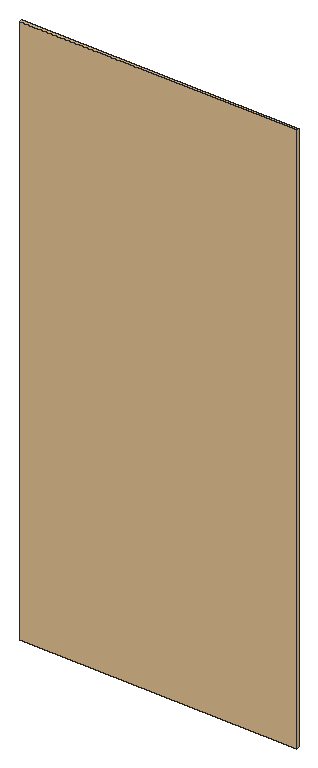
Revit family "American Walnut Veneer Honeycomb", category Generic Models, Revit 2017 (continued)
Automatic sketch dimensions
  level to curve 520 = 123.626 mm
  curve 519 to curve 520 = 41.559 mm
  curve 501 to curve 571 = 41.559 mm
  curve 515 to curve 516 = 41.559 mm
  curve 499 to curve 570 = 41.559 mm
  curve 509 to curve 575 = 41.559 mm
  curve 497 to curve 569 = 41.559 mm
  curve 495 to curve 568 = 41.559 mm
  curve 493 to curve 567 = 41.559 mm
  curve 491 to curve 566 = 41.559 mm
  curve 507 to curve 508 = 41.559 mm
  plane 4 "Panel_top" to curve 484 = 51.176 mm
  curve 484 to curve 484 = 34.403 mm
  curve 513 to curve 512 = 41.559 mm
  curve 515 to curve 514 = 41.559 mm
  curve 519 to curve 518 = 41.559 mm
  curve 488 to curve 564 = 58.434 mm
  curve 516 to curve 528 = 58.434 mm
  curve 490 to curve 554 = 58.435 mm
  curve 492 to curve 552 = 58.434 mm
  curve 518 to curve 527 = 58.433 mm
  curve 498 to curve 569 = 58.434 mm
  curve 502 to curve 571 = 58.434 mm
  level to curve 525 = 123.626 mm
  curve 520 to curve 525 = 58.434 mm
  curve 510 to curve 534 = 58.434 mm
  curve 514 to curve 530 = 58.433 mm
  curve 500 to curve 570 = 58.434 mm
  curve 494 to curve 551 = 58.434 mm
  curve 504 to curve 572 = 58.434 mm
  curve 508 to curve 536 = 58.434 mm
  curve 506 to curve 573 = 58.434 mm
  curve 496 to curve 568 = 58.434 mm
  curve 512 to curve 532 = 58.433 mm
  curve 486 to curve 558 = 58.435 mm
  plane 4 "Panel_top" to curve 560 = 51.176 mm
  curve 484 to curve 560 = 58.433 mm
  curve 560 to curve 561 = 34.408 mm
  curve 558 to curve 558 = 41.558 mm
  curve 550 to curve 470 = 41.559 mm
  curve 528 to curve 481 = 41.559 mm
  curve 544 to curve 544 = 41.559 mm
  curve 530 to curve 532 = 41.559 mm
  curve 532 to curve 533 = 41.559 mm
  curve 534 to curve 535 = 41.559 mm
  curve 536 to curve 537 = 41.559 mm
  curve 538 to curve 539 = 41.559 mm
  curve 540 to curve 541 = 41.559 mm
  curve 528 to curve 530 = 41.559 mm
  curve 546 to curve 547 = 41.559 mm
  curve 554 to curve 555 = 41.559 mm
  plane 4 "Panel_top" to curve 559 = 112.988 mm
  curve 558 to curve 559 = 41.559 mm
  level to curve 523 = 61.815 mm
  curve 524 to curve 523 = 41.56 mm
  curve 546 to curve 472 = 41.56 mm
  curve 552 to curve 551 = 41.56 mm
  curve 526 to curve 482 = 41.56 mm
  curve 554 to curve 553 = 41.561 mm
  level to curve 418 = 61.814 mm
  curve 483 to curve 418 = 58.431 mm
  curve 473 to curve 473 = 58.433 mm
  curve 472 to curve 472 = 58.431 mm
  curve 539 to curve 475 = 58.432 mm
  curve 547 to curve 471 = 58.432 mm
  curve 537 to curve 476 = 58.432 mm
  curve 470 to curve 470 = 58.433 mm
  curve 482 to curve 482 = 58.431 mm
  curve 469 to curve 469 = 58.431 mm
  curve 468 to curve 468 = 58.431 mm
  curve 481 to curve 481 = 58.433 mm
  curve 533 to curve 478 = 58.432 mm
  curve 559 to curve 465 = 58.432 mm
  curve 541 to curve 474 = 58.432 mm
  curve 529 to curve 412 = 58.432 mm
  curve 466 to curve 372 = 58.434 mm
  curve 555 to curve 374 = 58.432 mm
  curve 531 to curve 410 = 58.432 mm
  curve 535 to curve 405 = 58.432 mm
  curve 561 to curve 368 = 72.734 mm
  curve 380 to curve 391 = 41.559 mm
  curve 415 to curve 464 = 41.559 mm
  curve 396 to curve 397 = 41.559 mm
  curve 411 to curve 412 = 41.559 mm
  plane 4 "Panel_top" to curve 368 = 51.176 mm
  curve 368 to curve 368 = 34.408 mm
  curve 413 to curve 414 = 41.559 mm
  curve 409 to curve 410 = 41.559 mm
  curve 384 to curve 393 = 41.559 mm
  curve 384 to curve 384 = 41.559 mm
  curve 396 to curve 395 = 41.559 mm
  plane 4 "Panel_top" to curve 371 = 174.799 mm
  curve 372 to curve 371 = 41.559 mm
  curve 398 to curve 402 = 41.559 mm
  curve 380 to curve 380 = 41.559 mm
  curve 374 to curve 373 = 41.559 mm
  curve 405 to curve 404 = 41.559 mm
  curve 407 to curve 406 = 41.559 mm
  curve 409 to curve 408 = 41.559 mm
  curve 376 to curve 375 = 41.559 mm
  curve 469 to curve 378 = 41.559 mm
  curve 373 to curve 387 = 58.433 mm
  curve 395 to curve 438 = 58.433 mm
  curve 381 to curve 444 = 58.434 mm
  curve 397 to curve 437 = 58.434 mm
  plane 4 "Panel_top" to curve 456 = 51.176 mm
  curve 368 to curve 456 = 58.434 mm
  curve 406 to curve 459 = 58.433 mm
  level to curve 420 = 123.624 mm
  curve 416 to curve 420 = 58.434 mm
  curve 379 to curve 446 = 58.433 mm
  level to curve 422 = 247.246 mm
  curve 414 to curve 422 = 58.434 mm
  curve 412 to curve 424 = 58.434 mm
  curve 408 to curve 460 = 58.433 mm
  curve 402 to curve 402 = 58.433 mm
  curve 377 to curve 448 = 58.433 mm
  curve 383 to curve 443 = 58.433 mm
  curve 410 to curve 427 = 58.434 mm
  curve 375 to curve 450 = 58.433 mm
  curve 404 to curve 432 = 58.433 mm
  curve 393 to curve 393 = 58.433 mm
  plane 4 "Panel_top" to curve 455 = 174.799 mm
  curve 371 to curve 455 = 58.434 mm
  curve 369 to curve 457 = 34.409 mm
  plane 4 "Panel_top" to curve 454 = 236.609 mm
  curve 386 to curve 454 = 41.558 mm
  curve 450 to curve 450 = 41.558 mm
  curve 390 to curve 354 = 41.559 mm
  curve 393 to curve 357 = 41.559 mm
  plane 4 "Panel_top" to curve 456 = 112.987 mm
  curve 369 to curve 456 = 41.559 mm
  curve 392 to curve 444 = 41.559 mm
  curve 450 to curve 451 = 41.559 mm
  curve 401 to curve 438 = 41.559 mm
  curve 422 to curve 423 = 41.559 mm
  curve 428 to curve 429 = 41.559 mm
  curve 430 to curve 431 = 41.559 mm
  curve 432 to curve 433 = 41.559 mm
  curve 402 to curve 435 = 41.559 mm
  curve 426 to curve 425 = 41.56 mm
  level to curve 419 = 61.814 mm
  curve 420 to curve 419 = 41.56 mm
  level to curve 421 = 185.436 mm
  curve 422 to curve 421 = 41.56 mm
  curve 392 to curve 441 = 41.56 mm
  curve 389 to curve 353 = 41.56 mm
  curve 428 to curve 363 = 41.56 mm
  level to curve 322 = 61.814 mm
  curve 367 to curve 322 = 58.431 mm
  curve 433 to curve 360 = 58.432 mm
  plane 4 "Panel_top" to curve 287 = 112.987 mm
  curve 349 to curve 287 = 58.433 mm
  curve 429 to curve 362 = 58.432 mm
  plane 4 "Panel_top" to curve 288 = 236.611 mm
  curve 350 to curve 288 = 58.434 mm
  curve 363 to curve 363 = 58.431 mm
  curve 435 to curve 359 = 58.432 mm
  curve 437 to curve 358 = 58.432 mm
  curve 423 to curve 365 = 58.432 mm
  curve 366 to curve 366 = 58.431 mm
  curve 357 to curve 357 = 58.433 mm
  curve 356 to curve 356 = 58.431 mm
  curve 451 to curve 290 = 58.432 mm
  curve 443 to curve 355 = 58.432 mm
  curve 352 to curve 293 = 58.434 mm
  curve 354 to curve 354 = 58.433 mm
  curve 353 to curve 294 = 58.431 mm
  curve 431 to curve 310 = 58.432 mm
  curve 364 to curve 316 = 58.432 mm
  curve 457 to curve 285 = 72.733 mm
  curve 290 to curve 333 = 41.558 mm
  curve 288 to curve 332 = 41.558 mm
  curve 310 to curve 343 = 41.559 mm
  curve 294 to curve 295 = 41.559 mm
  curve 304 to curve 340 = 41.559 mm
  curve 296 to curve 297 = 41.559 mm
  curve 302 to curve 339 = 41.559 mm
  curve 316 to curve 346 = 41.559 mm
  curve 300 to curve 301 = 41.559 mm
  plane 4 "Panel_top" to curve 285 = 51.176 mm
  curve 285 to curve 285 = 34.409 mm
  curve 314 to curve 314 = 41.559 mm
  curve 316 to curve 315 = 41.559 mm
  curve 310 to curve 310 = 41.559 mm
  curve 308 to curve 308 = 41.559 mm
  plane 4 "Panel_top" to curve 287 = 174.8 mm
  curve 288 to curve 287 = 41.559 mm
  level to curve 319 = 247.246 mm
  curve 320 to curve 319 = 41.559 mm
  level to curve 321 = 123.623 mm
  curve 322 to curve 321 = 41.56 mm
  curve 300 to curve 300 = 41.559 mm
  curve 294 to curve 294 = 41.559 mm
  curve 307 to curve 341 = 58.433 mm
  level to curve 327 = 247.246 mm
  curve 319 to curve 327 = 58.433 mm
  curve 311 to curve 343 = 58.434 mm
  curve 305 to curve 340 = 58.434 mm
  curve 313 to curve 344 = 58.433 mm
  curve 303 to curve 339 = 58.434 mm
  curve 291 to curve 242 = 58.435 mm
  plane 4 "Panel_top" to curve 235 = 174.8 mm
  curve 287 to curve 235 = 58.433 mm
  curve 301 to curve 338 = 58.434 mm
  plane 4 "Panel_top" to curve 234 = 51.176 mm
  curve 285 to curve 234 = 58.434 mm
  plane 4 "Panel_top" to curve 238 = 298.422 mm
  curve 289 to curve 238 = 58.435 mm
  curve 299 to curve 337 = 58.433 mm
  curve 317 to curve 346 = 58.434 mm
  level to curve 325 = 123.623 mm
  curve 321 to curve 325 = 58.433 mm
  curve 297 to curve 336 = 58.434 mm
  curve 295 to curve 335 = 58.434 mm
  curve 293 to curve 334 = 58.433 mm
  curve 315 to curve 278 = 58.433 mm
  curve 309 to curve 263 = 58.433 mm
  curve 233 to curve 233 = 34.409 mm
  curve 275 to curve 281 = 41.559 mm
  curve 253 to curve 254 = 41.559 mm
  curve 251 to curve 252 = 41.559 mm
  curve 263 to curve 264 = 41.559 mm
  level to curve 328 = 309.058 mm
  curve 279 to curve 328 = 41.559 mm
  plane 4 "Panel_top" to curve 236 = 236.611 mm
  curve 237 to curve 236 = 41.559 mm
  curve 263 to curve 263 = 41.559 mm
  plane 4 "Panel_top" to curve 235 = 112.989 mm
  curve 235 to curve 235 = 41.559 mm
  curve 261 to curve 261 = 41.559 mm
  curve 265 to curve 274 = 41.559 mm
  curve 259 to curve 259 = 41.559 mm
  curve 257 to curve 257 = 41.559 mm
  curve 279 to curve 278 = 41.559 mm
  curve 246 to curve 251 = 41.559 mm
  curve 237 to curve 241 = 41.559 mm
  curve 246 to curve 246 = 41.559 mm
  curve 244 to curve 243 = 41.559 mm
  curve 327 to curve 283 = 41.56 mm
  curve 325 to curve 284 = 41.56 mm
  level to curve 173 = 61.813 mm
  curve 284 to curve 173 = 58.431 mm
  curve 245 to curve 249 = 58.432 mm
  curve 250 to curve 147 = 58.432 mm
  curve 234 to curve 239 = 58.432 mm
  curve 276 to curve 281 = 58.433 mm
  curve 243 to curve 248 = 58.432 mm
  curve 274 to curve 274 = 58.432 mm
  curve 262 to curve 272 = 58.432 mm
  curve 252 to curve 267 = 58.433 mm
  curve 254 to curve 268 = 58.433 mm
  curve 260 to curve 271 = 58.432 mm
  curve 256 to curve 269 = 58.432 mm
  curve 328 to curve 329 = 58.432 mm
  curve 258 to curve 270 = 58.432 mm
  curve 283 to curve 283 = 58.431 mm
  curve 264 to curve 161 = 58.433 mm
  plane 4 "Panel_top" to curve 141 = 360.233 mm
  curve 241 to curve 141 = 58.432 mm
  curve 278 to curve 167 = 58.432 mm
  curve 236 to curve 240 = 58.433 mm
  curve 233 to curve 136 = 72.732 mm
  curve 149 to curve 150 = 41.559 mm
  curve 143 to curve 144 = 41.559 mm
  level to curve 168 = 370.869 mm
  curve 167 to curve 168 = 41.559 mm
  curve 155 to curve 224 = 41.559 mm
  curve 161 to curve 227 = 41.559 mm
  curve 159 to curve 158 = 41.559 mm
  plane 4 "Panel_top" to curve 140 = 298.423 mm
  curve 141 to curve 140 = 41.559 mm
  curve 161 to curve 160 = 41.559 mm
  plane 4 "Panel_top" to curve 138 = 174.8 mm
  curve 139 to curve 138 = 41.559 mm
  plane 4 "Panel_top" to curve 142 = 422.045 mm
  curve 143 to curve 142 = 41.559 mm
  curve 165 to curve 164 = 41.559 mm
  curve 167 to curve 166 = 41.559 mm
  plane 4 "Panel_top" to curve 137 = 51.178 mm
  curve 136 to curve 137 = 34.41 mm
  level to curve 170 = 247.245 mm
  curve 171 to curve 170 = 41.559 mm
  curve 147 to curve 146 = 41.559 mm
  level to curve 172 = 123.623 mm
  curve 173 to curve 172 = 41.56 mm
  curve 149 to curve 148 = 41.559 mm
  curve 155 to curve 155 = 41.559 mm
  curve 153 to curve 153 = 41.559 mm
  curve 162 to curve 187 = 58.434 mm
  level to curve 181 = 370.869 mm
  curve 168 to curve 181 = 58.434 mm
  curve 144 to curve 218 = 58.434 mm
  curve 146 to curve 219 = 58.433 mm
  level to curve 179 = 247.245 mm
  curve 170 to curve 179 = 58.433 mm
  curve 166 to curve 182 = 58.433 mm
  level to curve 177 = 123.623 mm
  curve 172 to curve 177 = 58.433 mm
  curve 148 to curve 220 = 58.433 mm
  curve 158 to curve 190 = 58.433 mm
  curve 164 to curve 185 = 58.433 mm
  curve 156 to curve 192 = 58.434 mm
  curve 152 to curve 222 = 58.433 mm
  curve 136 to curve 214 = 58.433 mm
  curve 154 to curve 194 = 58.433 mm
  curve 150 to curve 198 = 58.434 mm
  plane 4 "Panel_top" to curve 211 = 174.8 mm
  curve 138 to curve 211 = 58.433 mm
  plane 4 "Panel_top" to curve 209 = 298.423 mm
  curve 140 to curve 209 = 58.433 mm
  plane 4 "Panel_top" to curve 206 = 422.045 mm
  curve 142 to curve 206 = 58.433 mm
  curve 160 to curve 226 = 58.434 mm
  curve 212 to curve 213 = 34.41 mm
  curve 202 to curve 202 = 41.559 mm
  level to curve 180 = 309.057 mm
  curve 180 to curve 180 = 41.559 mm
  curve 194 to curve 194 = 41.559 mm
  curve 188 to curve 188 = 41.559 mm
  curve 182 to curve 184 = 41.559 mm
  curve 188 to curve 189 = 41.559 mm
  curve 194 to curve 195 = 41.559 mm
  curve 196 to curve 198 = 41.559 mm
  curve 198 to curve 199 = 41.559 mm
  curve 202 to curve 203 = 41.559 mm
  plane 4 "Panel_top" to curve 207 = 360.234 mm
  curve 206 to curve 207 = 41.559 mm
  plane 4 "Panel_top" to curve 209 = 236.612 mm
  curve 208 to curve 209 = 41.559 mm
  plane 4 "Panel_top" to curve 211 = 112.99 mm
  curve 210 to curve 211 = 41.559 mm
  level to curve 178 = 185.434 mm
  curve 176 to curve 178 = 41.559 mm
  level to curve 176 = 61.811 mm
  curve 176 to curve 176 = 41.559 mm
  curve 182 to curve 132 = 41.56 mm
  curve 186 to curve 130 = 41.56 mm
  curve 192 to curve 191 = 41.56 mm
  curve 206 to curve 120 = 41.561 mm
  level to curve 79 = 61.812 mm
  curve 175 to curve 79 = 58.432 mm
  curve 195 to curve 125 = 58.432 mm
  curve 126 to curve 126 = 58.433 mm
  curve 197 to curve 124 = 58.432 mm
  curve 127 to curve 127 = 58.431 mm
  curve 199 to curve 123 = 58.432 mm
  curve 189 to curve 128 = 58.432 mm
  curve 122 to curve 122 = 58.433 mm
  curve 203 to curve 121 = 58.432 mm
  curve 130 to curve 130 = 58.431 mm
  curve 120 to curve 120 = 58.431 mm
  curve 183 to curve 131 = 58.432 mm
  curve 133 to curve 133 = 58.433 mm
  curve 211 to curve 117 = 58.432 mm
  curve 177 to curve 134 = 58.432 mm
  plane 4 "Panel_top" to curve 113 = 236.612 mm
  curve 209 to curve 113 = 58.432 mm
  level to curve 84 = 432.678 mm
  curve 132 to curve 84 = 58.432 mm
  plane 4 "Panel_top" to curve 111 = 360.234 mm
  curve 207 to curve 111 = 58.432 mm
  curve 129 to curve 90 = 58.433 mm
  curve 213 to curve 116 = 72.731 mm
  curve 94 to curve 24 = 41.559 mm
  curve 88 to curve 30 = 41.559 mm
  curve 80 to curve 38 = 41.559 mm
  level to curve 82 = 247.246 mm
  curve 82 to curve 82 = 41.559 mm
  curve 100 to curve 102 = 41.559 mm
  curve 102 to curve 103 = 41.559 mm
  curve 90 to curve 92 = 41.559 mm
  curve 104 to curve 105 = 41.559 mm
  curve 106 to curve 107 = 41.559 mm
  plane 4 "Panel_top" to curve 109 = 422.045 mm
  curve 108 to curve 109 = 41.559 mm
  level to curve 86 = 494.489 mm
  curve 84 to curve 86 = 41.559 mm
  plane 4 "Panel_top" to curve 111 = 298.423 mm
  curve 110 to curve 111 = 41.559 mm
  plane 4 "Panel_top" to curve 113 = 174.801 mm
  curve 112 to curve 113 = 41.559 mm
  plane 4 "Panel_top" to curve 115 = 51.179 mm
  curve 116 to curve 115 = 34.411 mm
  curve 96 to curve 98 = 41.559 mm
  curve 96 to curve 22 = 41.56 mm
  curve 90 to curve 28 = 41.56 mm
  curve 84 to curve 34 = 41.56 mm
  curve 100 to curve 18 = 41.56 mm
  curve 85 to curve 32 = 58.432 mm
  curve 91 to curve 26 = 58.432 mm
  curve 28 to curve 66 = 58.431 mm
  curve 18 to curve 18 = 58.431 mm
  curve 101 to curve 16 = 58.432 mm
  curve 107 to curve 10 = 58.432 mm
  curve 97 to curve 20 = 58.432 mm
  curve 24 to curve 62 = 58.433 mm
  curve 30 to curve 67 = 58.433 mm
  curve 22 to curve 22 = 58.431 mm
  curve 105 to curve 12 = 58.432 mm
  curve 115 to curve 2 = 58.432 mm
  curve 103 to curve 14 = 58.432 mm
  level to curve 76 = 123.622 mm
  curve 38 to curve 76 = 58.433 mm
  level to curve 71 = 370.867 mm
  curve 34 to curve 71 = 58.431 mm
  plane 4 "Panel_top" to curve 46 = 422.045 mm
  curve 109 to curve 46 = 58.432 mm
  level to curve 74 = 247.246 mm
  curve 36 to curve 74 = 58.433 mm
  plane 4 "Panel_top" to curve 42 = 174.801 mm
  curve 113 to curve 42 = 58.432 mm
  curve 111 to curve 6 = 58.433 mm
  curve 2 to curve 39 = 34.411 mm
  plane 4 "Panel_top" to curve 44 = 360.233 mm
  curve 6 to curve 44 = 41.559 mm
  plane 4 "Panel_top" to curve 42 = 236.611 mm
  curve 41 to curve 42 = 41.559 mm
  level to curve 73 = 309.056 mm
  curve 34 to curve 73 = 41.559 mm
  level to curve 35 = 185.434 mm  (x2)
  curve 36 to curve 35 = 41.559 mm
  plane 4 "Panel_top" to curve 46 = 483.856 mm
  curve 45 to curve 46 = 41.559 mm
  plane 4 "Panel_top" to curve 41 = 112.99 mm
  curve 2 to curve 41 = 41.559 mm
  curve 10 to curve 48 = 41.559 mm
  curve 12 to curve 50 = 41.559 mm
  level to curve 29 = 556.3 mm  (x2)
  curve 30 to curve 29 = 41.559 mm
  curve 14 to curve 52 = 41.559 mm
  curve 28 to curve 27 = 41.559 mm
  curve 16 to curve 54 = 41.559 mm
  curve 18 to curve 56 = 41.559 mm
  curve 20 to curve 58 = 41.559 mm
  curve 24 to curve 23 = 41.559 mm
  curve 22 to curve 60 = 41.559 mm
  curve 26 to curve 64 = 41.56 mm
  level to curve 70 = 432.678 mm
  curve 32 to curve 70 = 41.56 mm
  level to curve 76 = 61.811 mm
  curve 38 to curve 76 = 41.56 mm
  curve 173 to curve 324 = 0.001 mm
  level to curve 637 = 61.815 mm
  curve 38 to curve 38 = 0 mm
  curve 599 to curve 640 = 61.81 mm
  curve 420 to curve 464 = 0 mm
  curve 640 to curve 636 = 0 mm
  curve 81 to curve 177 = 0 mm
  curve 171 to curve 170 = 61.811 mm
  curve 320 to curve 366 = 0 mm
  curve 416 to curve 415 = 61.81 mm
  curve 171 to curve 326 = 0 mm
  curve 640 to curve 642 = 61.811 mm
  curve 598 to curve 641 = 0 mm  (x2)
  curve 636 to curve 636 = 61.81 mm
  curve 415 to curve 482 = 0 mm
  curve 482 to curve 526 = 61.81 mm
  curve 519 to curve 526 = 0 mm
  curve 641 to curve 695 = 61.811 mm
  curve 422 to curve 463 = 0 mm
  curve 642 to curve 695 = 0 mm
  curve 133 to curve 133 = 0 mm
  curve 329 to curve 328 = 0 mm
  curve 422 to curve 424 = 61.811 mm
  curve 319 to curve 423 = 0 mm
  curve 414 to curve 414 = 61.81 mm
  curve 518 to curve 517 = 61.811 mm
  curve 643 to curve 517 = 0 mm
  curve 634 to curve 633 = 61.81 mm
  curve 413 to curve 481 = 0 mm
  curve 328 to curve 279 = 61.81 mm
  curve 34 to curve 83 = 0 mm
  curve 423 to curve 462 = 61.811 mm
  curve 481 to curve 578 = 61.81 mm
  curve 279 to curve 317 = 0 mm
  curve 643 to curve 645 = 61.811 mm
  curve 424 to curve 462 = 0 mm
  curve 528 to curve 578 = 0 mm
  curve 644 to curve 694 = 0 mm
  curve 168 to curve 167 = 61.81 mm
  curve 279 to curve 167 = 0 mm
  curve 84 to curve 181 = 0.001 mm
  curve 317 to curve 317 = 61.81 mm
  curve 412 to curve 412 = 61.81 mm
  curve 529 to curve 411 = 0 mm
  curve 316 to curve 425 = 0.001 mm
  curve 516 to curve 516 = 61.81 mm
  curve 632 to curve 631 = 61.809 mm
  curve 515 to curve 645 = 0.001 mm
  curve 32 to curve 85 = 0.001 mm  (x2)
  curve 132 to curve 182 = 61.811 mm
  curve 167 to curve 182 = 0 mm
  curve 278 to curve 277 = 61.811 mm
  curve 316 to curve 277 = 0 mm
  curve 364 to curve 426 = 61.811 mm
  curve 515 to curve 514 = 61.811 mm
  curve 530 to curve 514 = 0 mm
  curve 426 to curve 461 = 0.001 mm  (x2)
  curve 596 to curve 647 = 61.811 mm
  curve 646 to curve 693 = 0.001 mm  (x2)
  curve 85 to curve 87 = 61.811 mm
  curve 184 to curve 86 = 0 mm
  curve 166 to curve 281 = 61.811 mm
  curve 315 to curve 314 = 61.811 mm
  curve 530 to curve 531 = 61.811 mm
  curve 479 to curve 531 = 0 mm  (x2)
  curve 165 to curve 276 = 0 mm
  curve 514 to curve 514 = 61.811 mm
  curve 648 to curve 513 = 0 mm
  curve 314 to curve 427 = 0 mm
  curve 630 to curve 630 = 61.811 mm
  curve 29 to curve 30 = 61.811 mm
  curve 165 to curve 164 = 61.811 mm
  curve 184 to curve 164 = 0 mm
  curve 314 to curve 314 = 61.811 mm
  curve 276 to curve 313 = 0 mm
  curve 30 to curve 30 = 0 mm
  curve 363 to curve 429 = 61.81 mm
  curve 409 to curve 428 = 0 mm
  curve 531 to curve 576 = 61.811 mm
  curve 513 to curve 532 = 0 mm
  curve 647 to curve 692 = 61.811 mm
  curve 648 to curve 692 = 0 mm
  curve 30 to curve 130 = 61.81 mm
  curve 30 to curve 27 = 61.811 mm
  curve 164 to curve 164 = 61.811 mm
  curve 428 to curve 430 = 61.811 mm
  curve 313 to curve 429 = 0 mm
  curve 88 to curve 130 = 0 mm
  curve 532 to curve 534 = 61.811 mm
  curve 408 to curve 533 = 0 mm
  curve 163 to curve 274 = 0 mm
  curve 512 to curve 511 = 61.811 mm
  curve 628 to curve 710 = 61.81 mm
  curve 511 to curve 594 = 0 mm
  curve 27 to curve 65 = 61.811 mm
  curve 130 to curve 187 = 61.81 mm
  curve 274 to curve 343 = 61.81 mm
  curve 28 to curve 89 = 0 mm
  curve 429 to curve 459 = 61.811 mm
  curve 407 to curve 430 = 0 mm
  curve 186 to curve 227 = 0 mm
  curve 533 to curve 535 = 61.811 mm
  curve 265 to curve 343 = 0 mm
  curve 594 to curve 691 = 61.81 mm
  curve 534 to curve 510 = 0 mm
  curve 650 to curve 626 = 0 mm
  curve 28 to curve 65 = 61.811 mm
  curve 28 to curve 90 = 61.81 mm
  curve 162 to curve 161 = 61.81 mm
  curve 90 to curve 188 = 0.001 mm
  curve 430 to curve 431 = 61.811 mm
  curve 310 to curve 431 = 0 mm
  curve 161 to curve 273 = 0.001 mm  (x2)
  curve 406 to curve 405 = 61.811 mm
  curve 535 to curve 405 = 0 mm
  curve 650 to curve 652 = 61.811 mm
  curve 509 to curve 651 = 0 mm
  curve 626 to curve 709 = 61.809 mm
  curve 64 to curve 63 = 61.81 mm
  curve 26 to curve 92 = 0.001 mm
  curve 129 to curve 226 = 61.81 mm
  curve 188 to curve 160 = 0.001 mm
  curve 264 to curve 264 = 61.811 mm
  curve 309 to curve 263 = 0 mm
  curve 405 to curve 405 = 61.811 mm
  curve 433 to curve 404 = 0 mm
  curve 535 to curve 537 = 61.811 mm
  curve 651 to curve 653 = 61.811 mm
  curve 536 to curve 574 = 0.001 mm  (x2)
  curve 652 to curve 624 = 0.001 mm
  curve 26 to curve 23 = 61.812 mm
  curve 188 to curve 189 = 61.811 mm
  curve 93 to curve 189 = 0 mm
  curve 160 to curve 160 = 61.811 mm
  curve 263 to curve 159 = 0 mm
  curve 309 to curve 360 = 61.811 mm
  curve 433 to curve 308 = 0 mm
  curve 536 to curve 537 = 61.811 mm
  curve 404 to curve 537 = 0 mm
  curve 508 to curve 507 = 61.811 mm
  curve 624 to curve 623 = 61.811 mm
  curve 507 to curve 654 = 0 mm
  curve 23 to curve 24 = 61.811 mm
  curve 159 to curve 158 = 61.811 mm
  curve 191 to curve 158 = 0 mm
  curve 262 to curve 341 = 61.811 mm
  curve 307 to curve 261 = 0 mm
  curve 24 to curve 94 = 0 mm
  curve 433 to curve 402 = 61.811 mm
  curve 537 to curve 539 = 61.811 mm
  curve 592 to curve 654 = 61.81 mm
  curve 402 to curve 403 = 0 mm
  curve 538 to curve 573 = 0 mm
  curve 654 to curve 689 = 0 mm
  curve 24 to curve 61 = 61.811 mm
  curve 24 to curve 95 = 61.81 mm
  curve 158 to curve 271 = 61.811 mm
  curve 261 to curve 157 = 0 mm
  curve 307 to curve 359 = 61.811 mm
  curve 435 to curve 306 = 0 mm
  curve 94 to curve 191 = 0 mm
  curve 402 to curve 399 = 61.81 mm
  curve 540 to curve 398 = 0 mm
  curve 506 to curve 591 = 61.81 mm
  curve 622 to curve 621 = 61.81 mm
  curve 505 to curve 655 = 0 mm
  curve 21 to curve 59 = 61.811 mm
  curve 127 to curve 193 = 61.81 mm
  curve 260 to curve 259 = 61.811 mm
  curve 22 to curve 95 = 0 mm
  curve 435 to curve 437 = 61.811 mm
  curve 192 to curve 224 = 0 mm
  curve 539 to curve 572 = 61.811 mm
  curve 259 to curve 305 = 0 mm
  curve 591 to curve 688 = 61.81 mm
  curve 401 to curve 397 = 0 mm
  curve 540 to curve 504 = 0 mm
  curve 656 to curve 620 = 0 mm
  curve 22 to curve 19 = 61.811 mm
  curve 22 to curve 97 = 61.81 mm
  curve 156 to curve 270 = 61.81 mm
  curve 258 to curve 155 = 0 mm
  curve 305 to curve 304 = 61.81 mm
  curve 437 to curve 304 = 0 mm
  curve 96 to curve 194 = 0 mm
  curve 540 to curve 542 = 61.811 mm
  curve 397 to curve 541 = 0 mm
  curve 504 to curve 590 = 61.81 mm
  curve 620 to curve 620 = 61.81 mm
  curve 503 to curve 658 = 0 mm
  curve 96 to curve 98 = 61.811 mm
  curve 58 to curve 97 = 0 mm
  curve 126 to curve 194 = 61.81 mm
  curve 154 to curve 194 = 0 mm
  curve 258 to curve 258 = 61.811 mm
  curve 396 to curve 396 = 61.811 mm
  curve 439 to curve 395 = 0 mm
  curve 541 to curve 571 = 61.811 mm
  curve 257 to curve 303 = 0 mm
  curve 590 to curve 687 = 61.81 mm
  curve 542 to curve 571 = 0 mm
  curve 658 to curve 618 = 0 mm
  curve 97 to curve 99 = 61.811 mm
  curve 20 to curve 17 = 61.811 mm
  curve 196 to curve 98 = 0 mm
  curve 257 to curve 256 = 61.811 mm
  curve 269 to curve 256 = 0 mm  (x2)
  curve 303 to curve 357 = 61.81 mm
  curve 395 to curve 395 = 61.811 mm
  curve 502 to curve 501 = 61.81 mm
  curve 660 to curve 501 = 0 mm
  curve 302 to curve 440 = 0 mm
  curve 618 to curve 705 = 61.81 mm
  curve 394 to curve 544 = 0 mm
  curve 17 to curve 55 = 61.811 mm
  curve 195 to curve 222 = 61.811 mm
  curve 152 to curve 196 = 0 mm
  curve 256 to curve 338 = 61.811 mm
  curve 18 to curve 18 = 0 mm
  curve 357 to curve 440 = 61.81 mm
  curve 473 to curve 570 = 61.81 mm
  curve 255 to curve 338 = 0 mm
  curve 659 to curve 686 = 61.811 mm
  curve 393 to curve 394 = 0 mm
  curve 544 to curve 570 = 0 mm
  curve 660 to curve 686 = 0 mm
  curve 18 to curve 101 = 61.81 mm
  curve 197 to curve 100 = 0 mm
  curve 18 to curve 54 = 61.811 mm
  curve 152 to curve 268 = 61.811 mm
  curve 301 to curve 300 = 61.81 mm
  curve 393 to curve 385 = 61.81 mm
  curve 151 to curve 268 = 0 mm
  curve 660 to curve 661 = 61.811 mm
  curve 588 to curve 661 = 0 mm  (x2)
  curve 300 to curve 441 = 0 mm
  curve 616 to curve 704 = 61.81 mm
  curve 384 to curve 545 = 0 mm
  curve 15 to curve 16 = 61.811 mm
  curve 102 to curve 16 = 0 mm
  curve 197 to curve 199 = 61.811 mm
  curve 254 to curve 337 = 61.81 mm
  curve 299 to curve 253 = 0 mm
  curve 356 to curve 443 = 61.81 mm
  curve 383 to curve 392 = 0 mm  (x2)
  curve 198 to curve 221 = 0 mm
  curve 472 to curve 547 = 61.81 mm
  curve 661 to curve 663 = 61.811 mm
  curve 546 to curve 498 = 0 mm
  curve 662 to curve 614 = 0 mm
  curve 16 to curve 53 = 61.811 mm
  curve 101 to curve 102 = 61.811 mm
  curve 199 to curve 102 = 0 mm
  curve 150 to curve 150 = 61.81 mm
  curve 392 to curve 444 = 61.811 mm
  curve 355 to curve 443 = 0 mm  (x2)
  curve 546 to curve 547 = 61.811 mm
  curve 471 to curve 547 = 0 mm  (x2)
  curve 149 to curve 252 = 0 mm
  curve 498 to curve 498 = 61.81 mm
  curve 614 to curve 703 = 61.81 mm
  curve 497 to curve 664 = 0 mm
  curve 102 to curve 103 = 61.811 mm
  curve 51 to curve 103 = 0 mm
  curve 199 to curve 201 = 61.811 mm
  curve 148 to curve 200 = 0 mm
  curve 252 to curve 336 = 61.81 mm
  curve 443 to curve 444 = 61.811 mm
  curve 547 to curve 548 = 61.811 mm
  curve 251 to curve 297 = 0 mm
  curve 587 to curve 664 = 61.81 mm
  curve 391 to curve 381 = 0 mm
  curve 548 to curve 568 = 0 mm
  curve 664 to curve 684 = 0 mm
  curve 14 to curve 11 = 61.811 mm
  curve 103 to curve 122 = 61.811 mm
  curve 148 to curve 250 = 61.811 mm
  curve 297 to curve 296 = 61.81 mm
  curve 104 to curve 122 = 0 mm
  curve 381 to curve 381 = 61.81 mm
  curve 147 to curve 251 = 0 mm
  curve 496 to curve 495 = 61.81 mm
  curve 296 to curve 354 = 0 mm
  curve 612 to curve 612 = 61.81 mm
  curve 380 to curve 470 = 0 mm
  curve 495 to curve 666 = 0 mm
  curve 11 to curve 12 = 61.811 mm
  curve 106 to curve 12 = 0 mm
  curve 147 to curve 146 = 61.811 mm
  curve 202 to curve 146 = 0 mm
  curve 250 to curve 335 = 61.81 mm
  curve 354 to curve 390 = 61.81 mm
  curve 380 to curve 390 = 0 mm
  curve 470 to curve 550 = 61.81 mm
  curve 246 to curve 295 = 0 mm
  curve 586 to curve 666 = 61.81 mm
  curve 550 to curve 567 = 0 mm
  curve 666 to curve 683 = 0 mm
  curve 12 to curve 49 = 61.811 mm
  curve 105 to curve 106 = 61.811 mm
  curve 204 to curve 106 = 0 mm
  curve 146 to curve 146 = 61.811 mm
  curve 246 to curve 145 = 0 mm
  curve 295 to curve 295 = 61.81 mm
  curve 379 to curve 378 = 61.811 mm
  curve 494 to curve 585 = 61.81 mm
  curve 294 to curve 447 = 0 mm
  curve 610 to curve 610 = 61.81 mm
  curve 378 to curve 551 = 0 mm
  curve 493 to curve 585 = 0 mm
  curve 106 to curve 108 = 61.811 mm
  curve 47 to curve 107 = 0 mm
  curve 203 to curve 205 = 61.811 mm
  curve 294 to curve 293 = 61.811 mm
  curve 334 to curve 293 = 0 mm  (x2)
  curve 353 to curve 448 = 61.81 mm
  curve 377 to curve 389 = 0 mm  (x2)
  curve 204 to curve 144 = 0 mm
  curve 469 to curve 566 = 61.81 mm
  curve 585 to curve 669 = 61.81 mm
  curve 552 to curve 492 = 0 mm
  curve 668 to curve 682 = 0 mm
  curve 108 to curve 109 = 61.81 mm
  curve 244 to curve 244 = 61.81 mm
  curve 243 to curve 248 = 0.001 mm  (x2)
  curve 293 to curve 292 = 61.811 mm
  curve 108 to curve 120 = 0 mm
  curve 377 to curve 468 = 61.811 mm
  curve 492 to curve 584 = 61.81 mm
  curve 292 to curve 352 = 0 mm
  curve 608 to curve 700 = 61.81 mm
  curve 376 to curve 553 = 0 mm
  curve 491 to curve 584 = 0 mm
  curve 243 to curve 243 = 61.811 mm
  curve 376 to curve 376 = 61.81 mm
  curve 451 to curve 375 = 0 mm
  curve 468 to curve 555 = 61.809 mm
  curve 584 to curve 670 = 61.809 mm
  curve 242 to curve 333 = 0.002 mm  (x2)
  curve 554 to curve 565 = 0.002 mm  (x2)
  curve 670 to curve 681 = 0.002 mm  (x2)
  curve 450 to curve 451 = 61.811 mm
  curve 290 to curve 451 = 0 mm
  curve 554 to curve 555 = 61.811 mm
  curve 375 to curve 555 = 0 mm
  curve 490 to curve 490 = 61.809 mm
  curve 141 to curve 241 = 0.002 mm  (x2)
  curve 606 to curve 699 = 61.81 mm
  curve 489 to curve 671 = 0.002 mm
  curve 111 to curve 6 = 0.001 mm  (x2)
  curve 374 to curve 373 = 61.811 mm
  curve 373 to curve 387 = 0.001 mm  (x2)
  curve 555 to curve 556 = 61.812 mm
  curve 583 to curve 672 = 61.809 mm
  curve 237 to curve 332 = 0.002 mm  (x2)
  curve 556 to curve 564 = 0 mm
  curve 672 to curve 604 = 0.002 mm
  curve 236 to curve 139 = 0.001 mm
  curve 373 to curve 371 = 61.811 mm
  curve 672 to curve 673 = 61.811 mm
  curve 488 to curve 673 = 0 mm
  curve 604 to curve 603 = 61.81 mm
  curve 372 to curve 466 = 0.002 mm  (x2)
  curve 466 to curve 559 = 61.809 mm
  curve 673 to curve 675 = 61.811 mm
  curve 558 to curve 486 = 0.002 mm
  curve 674 to curve 679 = 0.002 mm  (x2)
  curve 117 to curve 211 = 0 mm  (x2)
  curve 138 to curve 234 = 0 mm
  curve 465 to curve 559 = 0 mm  (x2)
  curve 486 to curve 485 = 61.809 mm
  curve 602 to curve 601 = 61.809 mm
  curve 485 to curve 676 = 0 mm
  plane 4 "Panel_top" to curve 40 = 51.179 mm
  plane 4 "Panel_top" to curve 212 = 51.178 mm
  plane 4 "Panel_top" to curve 600 = 51.176 mm
  plane 3 "Center (Left/Right)" to curve 704 = 0.063 mm
  plane 3 "Center (Left/Right)" to curve 702 = 0.063 mm
  plane 3 "Center (Left/Right)" to curve 707 = 0.063 mm
  plane 3 "Center (Left/Right)" to curve 706 = 0.063 mm
  plane 3 "Center (Left/Right)" to curve 708 = 0.063 mm
  plane 3 "Center (Left/Right)" to curve 701 = 0.063 mm
  plane 3 "Center (Left/Right)" to curve 709 = 0.063 mm
  plane 3 "Center (Left/Right)" to curve 700 = 0.063 mm
  plane 3 "Center (Left/Right)" to curve 710 = 0.063 mm
  plane 3 "Center (Left/Right)" to curve 699 = 0.063 mm
  plane 3 "Center (Left/Right)" to curve 711 = 0.063 mm
  plane 3 "Center (Left/Right)" to curve 698 = 0.063 mm
  plane 3 "Center (Left/Right)" to curve 712 = 0.063 mm
  plane 3 "Center (Left/Right)" to curve 697 = 0.063 mm
  plane 3 "Center (Left/Right)" to curve 713 = 0.063 mm
  plane 3 "Center (Left/Right)" to curve 703 = 0.063 mm
  plane 3 "Center (Left/Right)" to curve 714 = 0.063 mm
  plane 3 "Center (Left/Right)" to curve 705 = 0.063 mm
  plane 3 "Center (Left/Right)" to curve 715 = 0.063 mm
  curve 637 to curve 638 = 0 mm
  curve 625 to curve 626 = 0 mm
  curve 631 to curve 632 = 0 mm
  curve 606 to curve 605 = 0 mm
  curve 604 to curve 603 = 0 mm
  level to curve 638 = 0.004 mm
  plane 3 "Center (Left/Right)" to curve 638 = 70.869 mm
  curve 636 to curve 637 = 0.001 mm
  curve 632 to curve 633 = 0.001 mm
  curve 606 to curve 607 = 0.001 mm
  curve 610 to curve 611 = 0.001 mm
  curve 608 to curve 609 = 0.001 mm
  curve 634 to curve 635 = 0.001 mm
  curve 618 to curve 619 = 0.001 mm
  curve 630 to curve 631 = 0.001 mm
  curve 628 to curve 629 = 0.001 mm
  curve 620 to curve 621 = 0.001 mm
  curve 616 to curve 617 = 0.001 mm
  curve 626 to curve 627 = 0.001 mm
  curve 612 to curve 613 = 0.001 mm
  curve 600 to curve 601 = 0.001 mm
  curve 624 to curve 625 = 0.001 mm
  curve 602 to curve 603 = 0.001 mm
  curve 604 to curve 605 = 0.001 mm
  curve 614 to curve 615 = 0.001 mm
  curve 622 to curve 623 = 0.001 mm
  curve 679 to curve 674 = 0.001 mm
  curve 681 to curve 670 = 0.001 mm
  curve 693 to curve 646 = 0.001 mm
  curve 690 to curve 652 = 0.001 mm
  curve 680 to curve 672 = 0.001 mm
  level to curve 639 = 0.004 mm
  curve 638 to curve 639 = 58.433 mm
  curve 592 to curve 653 = 0.001 mm
  curve 650 to curve 594 = 0.001 mm  (x2)
  curve 656 to curve 591 = 0.001 mm  (x2)
  curve 590 to curve 657 = 0.001 mm
  curve 587 to curve 663 = 0.001 mm
  curve 646 to curve 596 = 0.001 mm  (x2)
  curve 586 to curve 665 = 0.001 mm
  curve 582 to curve 673 = 0 mm
  curve 668 to curve 585 = 0.001 mm  (x2)
  curve 584 to curve 669 = 0.001 mm
  curve 672 to curve 583 = 0.001 mm
  curve 581 to curve 675 = 0.001 mm
  level to curve 640 = 61.814 mm
  curve 640 to curve 599 = 0.001 mm
  curve 589 to curve 659 = 0 mm
  curve 597 to curve 643 = 0 mm
  curve 593 to curve 651 = 0 mm
  curve 595 to curve 647 = 0 mm
  curve 521 to curve 599 = 0 mm
  curve 509 to curve 593 = 0 mm
  curve 583 to curve 489 = 0 mm
  curve 582 to curve 487 = 0 mm
  curve 515 to curve 596 = 0 mm
  level to curve 522 = 0.003 mm
  curve 599 to curve 522 = 41.559 mm
  curve 490 to curve 491 = 0.001 mm
  curve 508 to curve 509 = 0.001 mm
  curve 577 to curve 514 = 0 mm
  curve 492 to curve 493 = 0.001 mm
  curve 506 to curve 507 = 0.001 mm
  curve 510 to curve 511 = 0.001 mm
  curve 576 to curve 512 = 0 mm
  curve 494 to curve 495 = 0.001 mm
  curve 516 to curve 517 = 0.001 mm
  curve 562 to curve 484 = 0 mm
  level to curve 521 = 123.625 mm
  curve 520 to curve 521 = 0.001 mm
  curve 504 to curve 505 = 0.001 mm
  curve 496 to curve 497 = 0.001 mm
  curve 502 to curve 503 = 0.001 mm
  curve 486 to curve 487 = 0.001 mm
  curve 488 to curve 489 = 0.001 mm
  curve 579 to curve 518 = 0 mm
  curve 500 to curve 501 = 0.001 mm
  curve 498 to curve 499 = 0.001 mm
  curve 577 to curve 530 = 0.001 mm  (x2)
  curve 574 to curve 536 = 0.001 mm
  curve 563 to curve 558 = 0.001 mm
  curve 565 to curve 554 = 0.001 mm
  level to curve 523 = 0.003 mm
  curve 522 to curve 523 = 58.433 mm
  curve 556 to curve 557 = 0 mm
  curve 467 to curve 555 = 0 mm
  curve 546 to curve 472 = 0.001 mm  (x2)
  curve 470 to curve 549 = 0.001 mm
  curve 481 to curve 527 = 0.001 mm
  curve 552 to curve 469 = 0.001 mm  (x2)
  curve 554 to curve 468 = 0.001 mm
  curve 466 to curve 557 = 0.001 mm
  curve 526 to curve 482 = 0.001 mm  (x2)
  level to curve 524 = 61.813 mm
  curve 524 to curve 483 = 0.001 mm
  curve 473 to curve 543 = 0.001 mm
  curve 474 to curve 541 = 0 mm
  curve 475 to curve 539 = 0 mm
  curve 476 to curve 537 = 0 mm
  curve 477 to curve 535 = 0 mm
  curve 480 to curve 529 = 0 mm
  curve 478 to curve 533 = 0 mm
  curve 417 to curve 483 = 0 mm
  curve 405 to curve 477 = 0 mm
  curve 467 to curve 374 = 0 mm
  curve 466 to curve 372 = 0 mm
  curve 411 to curve 480 = 0 mm
  level to curve 418 = 0.003 mm
  curve 483 to curve 418 = 41.559 mm
  curve 397 to curve 398 = 0.001 mm
  curve 386 to curve 371 = 0 mm
  curve 387 to curve 373 = 0 mm
  curve 388 to curve 375 = 0 mm
  curve 389 to curve 377 = 0 mm
  curve 390 to curve 379 = 0 mm
  curve 392 to curve 383 = 0 mm
  plane 4 "Panel_top" to curve 370 = 51.176 mm
  curve 368 to curve 370 = 0.001 mm
  curve 460 to curve 408 = 0 mm
  curve 381 to curve 382 = 0.001 mm
  curve 402 to curve 399 = 0 mm
  curve 400 to curve 395 = 0 mm
  curve 459 to curve 406 = 0 mm
  curve 458 to curve 404 = 0 mm
  level to curve 417 = 123.624 mm
  curve 416 to curve 417 = 0.001 mm
  curve 393 to curve 385 = 0 mm
  curve 414 to curve 415 = 0.001 mm
  curve 410 to curve 411 = 0.001 mm
  curve 412 to curve 413 = 0.001 mm
  curve 458 to curve 432 = 0.001 mm  (x2)
  curve 461 to curve 426 = 0.001 mm
  curve 388 to curve 450 = 0.001 mm
  level to curve 419 = 0.003 mm
  curve 418 to curve 419 = 58.433 mm
  plane 4 "Panel_top" to curve 454 = 174.799 mm
  curve 454 to curve 386 = 0 mm
  curve 387 to curve 453 = 0 mm
  curve 442 to curve 356 = 0.001 mm  (x2)
  curve 354 to curve 445 = 0.001 mm
  curve 357 to curve 439 = 0.001 mm
  level to curve 420 = 61.813 mm
  curve 420 to curve 367 = 0.001 mm
  level to curve 422 = 185.435 mm
  curve 422 to curve 366 = 0.001 mm
  curve 448 to curve 353 = 0.001 mm  (x2)
  curve 428 to curve 363 = 0.001 mm  (x2)
  curve 365 to curve 423 = 0 mm
  curve 362 to curve 429 = 0 mm
  curve 361 to curve 431 = 0 mm
  curve 360 to curve 433 = 0 mm
  curve 359 to curve 435 = 0 mm
  curve 358 to curve 437 = 0 mm
  plane 4 "Panel_top" to curve 455 = 112.988 mm
  curve 349 to curve 455 = 0.001 mm
  curve 426 to curve 364 = 0.001 mm  (x2)
  plane 4 "Panel_top" to curve 453 = 236.611 mm
  curve 350 to curve 453 = 0.001 mm
  curve 352 to curve 449 = 0.001 mm
  curve 351 to curve 451 = 0 mm
  level to curve 323 = 61.813 mm
  curve 322 to curve 323 = 0 mm
  curve 310 to curve 361 = 0 mm
  curve 316 to curve 364 = 0 mm
  curve 350 to curve 288 = 0 mm
  curve 351 to curve 290 = 0 mm
  level to curve 323 = 0.002 mm
  curve 322 to curve 323 = 41.56 mm
  curve 331 to curve 287 = 0 mm
  curve 341 to curve 307 = 0 mm
  curve 295 to curve 296 = 0.001 mm
  curve 311 to curve 312 = 0.001 mm
  curve 317 to curve 318 = 0.001 mm
  curve 348 to curve 321 = 0 mm
  plane 4 "Panel_top" to curve 286 = 51.178 mm
  curve 285 to curve 286 = 0.001 mm
  curve 347 to curve 319 = 0 mm
  curve 305 to curve 306 = 0.001 mm
  curve 345 to curve 315 = 0 mm
  curve 303 to curve 304 = 0.001 mm
  plane 4 "Panel_top" to curve 290 = 298.422 mm
  curve 289 to curve 290 = 0.001 mm
  curve 337 to curve 299 = 0 mm
  curve 342 to curve 309 = 0 mm
  curve 301 to curve 302 = 0.001 mm
  curve 344 to curve 313 = 0 mm
  curve 291 to curve 292 = 0.001 mm
  curve 297 to curve 298 = 0.001 mm
  curve 345 to curve 277 = 0.001 mm  (x2)
  curve 333 to curve 242 = 0.001 mm
  curve 331 to curve 235 = 0.001 mm
  curve 332 to curve 237 = 0.001 mm
  curve 342 to curve 263 = 0.001 mm  (x2)
  level to curve 324 = 0.002 mm
  curve 323 to curve 324 = 58.433 mm
  curve 274 to curve 266 = 0 mm
  curve 271 to curve 260 = 0 mm
  level to curve 327 = 185.434 mm
  curve 327 to curve 283 = 0.001 mm
  curve 264 to curve 265 = 0.001 mm
  curve 272 to curve 262 = 0 mm
  curve 276 to curve 277 = 0.001 mm
  curve 254 to curve 255 = 0.001 mm
  level to curve 280 = 309.056 mm
  curve 328 to curve 280 = 0 mm
  level to curve 325 = 61.812 mm
  curve 325 to curve 284 = 0.001 mm
  curve 252 to curve 253 = 0.001 mm
  curve 270 to curve 258 = 0 mm
  plane 4 "Panel_top" to curve 238 = 360.233 mm
  curve 241 to curve 238 = 0 mm
  curve 239 to curve 234 = 0 mm
  curve 249 to curve 245 = 0 mm
  curve 240 to curve 236 = 0 mm
  curve 248 to curve 243 = 0 mm
  curve 250 to curve 247 = 0 mm
  curve 282 to curve 278 = 0 mm
  curve 241 to curve 141 = 0 mm
  curve 167 to curve 282 = 0 mm
  curve 161 to curve 273 = 0 mm
  plane 4 "Panel_top" to curve 140 = 236.611 mm
  curve 140 to curve 139 = 0 mm
  curve 173 to curve 284 = 0 mm
  level to curve 174 = 0.001 mm
  curve 284 to curve 174 = 41.559 mm
  curve 156 to curve 157 = 0.001 mm
  curve 232 to curve 172 = 0 mm
  curve 231 to curve 170 = 0 mm
  curve 229 to curve 166 = 0 mm
  curve 162 to curve 163 = 0.001 mm
  curve 228 to curve 164 = 0 mm
  curve 226 to curve 160 = 0 mm
  curve 225 to curve 158 = 0 mm
  level to curve 169 = 370.867 mm
  curve 168 to curve 169 = 0.001 mm
  curve 144 to curve 145 = 0.001 mm
  curve 223 to curve 154 = 0 mm
  curve 222 to curve 152 = 0 mm
  curve 214 to curve 136 = 0 mm
  curve 220 to curve 148 = 0 mm
  curve 219 to curve 146 = 0 mm
  curve 215 to curve 138 = 0 mm
  curve 216 to curve 140 = 0 mm
  curve 150 to curve 151 = 0.001 mm
  curve 217 to curve 142 = 0 mm
  curve 217 to curve 206 = 0.001 mm
  curve 229 to curve 182 = 0.001 mm  (x2)
  curve 215 to curve 210 = 0.001 mm
  curve 216 to curve 208 = 0.001 mm
  level to curve 175 = 0.001 mm
  curve 174 to curve 175 = 58.433 mm
  curve 189 to curve 188 = 0 mm
  curve 186 to curve 130 = 0.001 mm  (x2)
  curve 129 to curve 187 = 0.001 mm
  curve 123 to curve 199 = 0 mm
  curve 192 to curve 127 = 0.001 mm  (x2)
  curve 126 to curve 193 = 0.001 mm
  level to curve 182 = 432.678 mm
  curve 182 to curve 132 = 0.001 mm
  curve 124 to curve 197 = 0 mm
  curve 122 to curve 201 = 0.001 mm
  level to curve 179 = 309.056 mm
  curve 133 to curve 179 = 0.001 mm
  curve 125 to curve 195 = 0 mm
  plane 4 "Panel_top" to curve 206 = 483.856 mm
  curve 206 to curve 120 = 0.001 mm
  curve 135 to curve 175 = 0 mm
  curve 134 to curve 177 = 0 mm
  curve 128 to curve 189 = 0 mm
  curve 121 to curve 203 = 0 mm
  curve 118 to curve 209 = 0 mm
  curve 131 to curve 183 = 0 mm
  curve 119 to curve 207 = 0 mm
  curve 90 to curve 129 = 0 mm
  curve 119 to curve 110 = 0 mm
  curve 84 to curve 132 = 0 mm
  curve 118 to curve 112 = 0 mm
  curve 78 to curve 135 = 0 mm
  curve 90 to curve 28 = 0.001 mm  (x2)
  curve 10 to curve 107 = 0 mm
  curve 24 to curve 93 = 0.001 mm
  curve 30 to curve 87 = 0.001 mm
  level to curve 84 = 370.867 mm
  curve 84 to curve 34 = 0.001 mm
  curve 20 to curve 97 = 0 mm
  curve 100 to curve 18 = 0.001 mm  (x2)
  level to curve 81 = 247.244 mm
  curve 36 to curve 81 = 0.001 mm
  curve 16 to curve 101 = 0 mm
  level to curve 79 = 123.622 mm
  curve 38 to curve 79 = 0.001 mm
  curve 96 to curve 22 = 0.001 mm  (x2)
  level to curve 78 = 0.001 mm
  curve 135 to curve 78 = 41.559 mm
  curve 8 to curve 109 = 0 mm
  curve 14 to curve 103 = 0 mm
  curve 2 to curve 115 = 0 mm
  curve 26 to curve 91 = 0 mm
  curve 6 to curve 111 = 0 mm
  curve 32 to curve 85 = 0 mm
  curve 4 to curve 113 = 0 mm
  curve 12 to curve 105 = 0 mm
  level to curve 70 = 494.489 mm
  curve 32 to curve 70 = 0 mm
  curve 26 to curve 64 = 0 mm
  curve 78 to curve 77 = 58.432 mm
  curve 8 to curve 45 = 0 mm
  plane 4 "Panel_top" to curve 44 = 298.423 mm
  curve 44 to curve 6 = 0 mm
  curve 4 to curve 41 = 0 mm
  plane 4 "Panel_top" to curve 45 = 360.234 mm
  curve 5 to curve 45 = 0 mm
  plane 4 "Panel_top" to curve 43 = 236.612 mm
  curve 3 to curve 43 = 0 mm
  level to curve 31 = 432.677 mm  (x2)
  curve 70 to curve 31 = 0 mm
  curve 64 to curve 25 = 0 mm
  level to curve 77 = 61.812 mm
  curve 77 to curve 37 = 0 mm
  curve 19 to curve 19 = 29.216 mm
  curve 9 to curve 9 = 29.216 mm
  curve 21 to curve 21 = 29.216 mm
  curve 23 to curve 23 = 29.216 mm
  curve 25 to curve 25 = 29.216 mm
  curve 17 to curve 17 = 29.216 mm
  curve 11 to curve 11 = 29.216 mm
  curve 29 to curve 29 = 29.216 mm
  curve 31 to curve 31 = 29.216 mm
  plane 4 "Panel_top" to curve 5 = 360.233 mm
  curve 45 to curve 5 = 29.216 mm
  level to curve 33 = 309.056 mm
  curve 33 to curve 33 = 29.216 mm
  curve 35 to curve 35 = 29.216 mm
  plane 4 "Panel_top" to curve 7 = 483.856 mm
  curve 7 to curve 7 = 29.216 mm
  plane 4 "Panel_top" to curve 3 = 236.611 mm
  curve 43 to curve 3 = 29.216 mm
  level to curve 37 = 61.811 mm
  curve 37 to curve 37 = 29.215 mm
  curve 15 to curve 15 = 29.216 mm
  curve 27 to curve 27 = 29.216 mm
  plane 4 "Panel_top" to curve 1 = 112.99 mm
  curve 1 to curve 1 = 29.216 mm
  curve 13 to curve 13 = 29.216 mm
  curve 135 to curve 78 = 0.001 mm
  curve 173 to curve 284 = 0.001 mm
  curve 175 to curve 135 = 0 mm
  curve 417 to curve 483 = 0.001 mm
  curve 521 to curve 599 = 0.001 mm
  curve 637 to curve 638 = 0.001 mm
  curve 637 to curve 715 = 0 mm
  curve 172 to curve 232 = 0 mm
  curve 321 to curve 348 = 0 mm
  curve 637 to curve 636 = 0.001 mm
  curve 177 to curve 134 = 0 mm
  curve 635 to curve 714 = 0 mm
  curve 641 to curve 598 = 0 mm
  curve 415 to curve 414 = 0.001 mm
  curve 170 to curve 231 = 0 mm
  curve 319 to curve 347 = 0 mm
  curve 635 to curve 634 = 0.001 mm
  curve 518 to curve 579 = 0 mm
  curve 527 to curve 481 = 0.001 mm
  curve 423 to curve 365 = 0 mm
  curve 633 to curve 713 = 0 mm
  curve 643 to curve 597 = 0 mm
  curve 318 to curve 317 = 0.001 mm
  curve 413 to curve 412 = 0.001 mm
  curve 517 to curve 516 = 0.001 mm
  curve 633 to curve 632 = 0.001 mm
  curve 84 to curve 132 = 0.001 mm
  curve 282 to curve 167 = 0.001 mm
  curve 316 to curve 364 = 0.001 mm
  curve 480 to curve 411 = 0.001 mm
  curve 282 to curve 278 = 0.001 mm
  curve 515 to curve 596 = 0.001 mm
  curve 480 to curve 529 = 0.001 mm
  curve 631 to curve 632 = 0.001 mm
  curve 631 to curve 712 = 0 mm
  curve 229 to curve 166 = 0.001 mm
  curve 411 to curve 410 = 0.001 mm
  curve 345 to curve 315 = 0.001 mm
  curve 631 to curve 630 = 0.001 mm
  curve 577 to curve 514 = 0.001 mm
  curve 277 to curve 276 = 0.001 mm
  curve 183 to curve 131 = 0 mm
  curve 531 to curve 479 = 0 mm
  curve 629 to curve 711 = 0 mm
  curve 647 to curve 595 = 0 mm
  curve 87 to curve 30 = 0.001 mm
  curve 164 to curve 228 = 0 mm
  curve 313 to curve 344 = 0 mm
  curve 629 to curve 628 = 0.001 mm
  curve 408 to curve 460 = 0 mm
  curve 512 to curve 576 = 0 mm
  curve 27 to curve 27 = 0 mm
  curve 266 to curve 274 = 0.001 mm
  curve 429 to curve 362 = 0 mm
  curve 533 to curve 478 = 0 mm
  curve 627 to curve 710 = 0 mm
  curve 163 to curve 162 = 0.001 mm
  curve 312 to curve 311 = 0.001 mm
  curve 511 to curve 510 = 0.001 mm
  curve 627 to curve 626 = 0.001 mm
  curve 406 to curve 459 = 0 mm
  curve 25 to curve 64 = 0.002 mm  (x2)
  curve 90 to curve 129 = 0.001 mm
  curve 187 to curve 129 = 0.001 mm
  curve 265 to curve 264 = 0.001 mm
  curve 361 to curve 310 = 0.001 mm
  curve 477 to curve 405 = 0.001 mm
  curve 593 to curve 509 = 0.001 mm
  curve 361 to curve 431 = 0.001 mm
  curve 477 to curve 535 = 0.001 mm
  curve 625 to curve 626 = 0.001 mm
  curve 625 to curve 709 = 0 mm
  curve 593 to curve 651 = 0.001 mm
  curve 26 to curve 64 = 0.001 mm
  curve 188 to curve 189 = 0.001 mm
  curve 26 to curve 91 = 0.001 mm
  curve 226 to curve 160 = 0.001 mm
  curve 342 to curve 309 = 0.001 mm
  curve 509 to curve 508 = 0.001 mm
  curve 652 to curve 690 = 0.001 mm
  curve 458 to curve 404 = 0.001 mm
  curve 625 to curve 624 = 0.001 mm
  curve 23 to curve 23 = 0 mm
  curve 189 to curve 128 = 0 mm
  curve 262 to curve 272 = 0 mm
  curve 653 to curve 592 = 0.001 mm
  curve 433 to curve 360 = 0 mm
  curve 537 to curve 476 = 0 mm
  curve 623 to curve 708 = 0 mm
  curve 93 to curve 24 = 0.001 mm
  curve 399 to curve 402 = 0.001 mm
  curve 158 to curve 225 = 0 mm
  curve 507 to curve 506 = 0.001 mm
  curve 307 to curve 341 = 0 mm
  curve 623 to curve 622 = 0.001 mm
  curve 21 to curve 21 = 0 mm
  curve 260 to curve 271 = 0 mm
  curve 435 to curve 359 = 0 mm
  curve 539 to curve 475 = 0 mm
  curve 621 to curve 707 = 0 mm
  curve 157 to curve 156 = 0.001 mm
  curve 306 to curve 305 = 0.001 mm
  curve 398 to curve 397 = 0.001 mm
  curve 505 to curve 504 = 0.001 mm
  curve 621 to curve 620 = 0.001 mm
  curve 19 to curve 19 = 0 mm
  curve 193 to curve 126 = 0.001 mm
  curve 258 to curve 270 = 0 mm
  curve 657 to curve 590 = 0.001 mm
  curve 437 to curve 358 = 0 mm
  curve 541 to curve 474 = 0 mm
  curve 619 to curve 706 = 0 mm
  curve 304 to curve 303 = 0.001 mm
  curve 97 to curve 20 = 0 mm
  curve 154 to curve 223 = 0 mm
  curve 503 to curve 502 = 0.001 mm
  curve 619 to curve 618 = 0.001 mm
  curve 395 to curve 400 = 0 mm
  curve 17 to curve 17 = 0 mm
  curve 439 to curve 357 = 0.001 mm
  curve 195 to curve 125 = 0 mm
  curve 543 to curve 473 = 0.001 mm
  curve 256 to curve 269 = 0 mm
  curve 617 to curve 705 = 0 mm
  curve 659 to curve 589 = 0 mm
  curve 302 to curve 301 = 0.001 mm
  curve 385 to curve 393 = 0.001 mm
  curve 152 to curve 222 = 0 mm
  curve 501 to curve 500 = 0.001 mm
  curve 617 to curve 616 = 0.001 mm
  curve 15 to curve 15 = 0 mm
  curve 255 to curve 254 = 0.001 mm
  curve 197 to curve 124 = 0 mm
  curve 615 to curve 704 = 0 mm
  curve 661 to curve 588 = 0 mm
  curve 151 to curve 150 = 0.001 mm
  curve 101 to curve 16 = 0 mm
  curve 499 to curve 498 = 0.001 mm
  curve 299 to curve 337 = 0 mm
  curve 615 to curve 614 = 0.001 mm
  curve 13 to curve 13 = 0 mm
  curve 253 to curve 252 = 0.001 mm
  curve 199 to curve 123 = 0 mm
  curve 663 to curve 587 = 0.001 mm
  curve 443 to curve 355 = 0 mm
  curve 547 to curve 471 = 0 mm
  curve 613 to curve 703 = 0 mm
  curve 298 to curve 297 = 0.001 mm
  curve 103 to curve 14 = 0 mm
  curve 382 to curve 381 = 0.001 mm
  curve 148 to curve 220 = 0 mm
  curve 497 to curve 496 = 0.001 mm
  curve 613 to curve 612 = 0.001 mm
  curve 11 to curve 11 = 0 mm
  curve 201 to curve 122 = 0.001 mm
  curve 247 to curve 250 = 0.001 mm
  curve 445 to curve 354 = 0.001 mm
  curve 549 to curve 470 = 0.001 mm
  curve 665 to curve 586 = 0.001 mm
  curve 611 to curve 702 = 0 mm
  curve 296 to curve 295 = 0.001 mm
  curve 105 to curve 12 = 0 mm
  curve 146 to curve 219 = 0 mm
  curve 495 to curve 494 = 0.001 mm
  curve 611 to curve 610 = 0.001 mm
  curve 379 to curve 390 = 0 mm
  curve 9 to curve 9 = 0 mm
  curve 203 to curve 121 = 0 mm
  curve 245 to curve 249 = 0 mm
  curve 609 to curve 701 = 0 mm
  curve 145 to curve 144 = 0.001 mm
  curve 107 to curve 10 = 0 mm
  curve 493 to curve 492 = 0.001 mm
  curve 293 to curve 334 = 0 mm
  curve 609 to curve 608 = 0.001 mm
  curve 449 to curve 352 = 0.002 mm
  curve 554 to curve 468 = 0.002 mm
  curve 669 to curve 584 = 0.002 mm
  curve 607 to curve 700 = 0 mm
  curve 45 to curve 8 = 0.001 mm
  curve 206 to curve 217 = 0.001 mm
  curve 292 to curve 291 = 0.002 mm
  curve 109 to curve 8 = 0.001 mm
  curve 450 to curve 388 = 0.001 mm
  curve 491 to curve 490 = 0.002 mm
  curve 142 to curve 217 = 0.001 mm
  curve 607 to curve 606 = 0.002 mm
  curve 375 to curve 388 = 0.001 mm
  curve 110 to curve 119 = 0.001 mm
  curve 290 to curve 351 = 0.001 mm
  curve 207 to curve 119 = 0.001 mm
  curve 374 to curve 467 = 0.001 mm
  curve 672 to curve 583 = 0.002 mm
  curve 489 to curve 583 = 0.002 mm
  curve 606 to curve 605 = 0.001 mm
  curve 451 to curve 351 = 0.001 mm
  curve 555 to curve 467 = 0.001 mm
  curve 606 to curve 699 = 0.001 mm
  curve 208 to curve 216 = 0.001 mm
  curve 453 to curve 387 = 0.001 mm
  curve 557 to curve 556 = 0.001 mm
  curve 489 to curve 488 = 0.002 mm
  curve 140 to curve 216 = 0.001 mm
  curve 605 to curve 604 = 0.002 mm
  curve 672 to curve 680 = 0.002 mm
  curve 112 to curve 118 = 0.001 mm
  curve 288 to curve 350 = 0.002 mm
  curve 557 to curve 466 = 0.002 mm
  curve 209 to curve 118 = 0.001 mm
  curve 236 to curve 240 = 0.001 mm
  curve 487 to curve 582 = 0.001 mm
  curve 604 to curve 603 = 0.001 mm
  curve 604 to curve 698 = 0.001 mm
  curve 673 to curve 582 = 0.001 mm
  curve 41 to curve 4 = 0.001 mm
  curve 210 to curve 215 = 0.001 mm
  curve 235 to curve 331 = 0.001 mm
  curve 113 to curve 4 = 0.001 mm
  curve 487 to curve 486 = 0.002 mm
  curve 138 to curve 215 = 0.001 mm
  curve 558 to curve 563 = 0.002 mm
  curve 603 to curve 602 = 0.002 mm
  curve 287 to curve 331 = 0.001 mm
  curve 371 to curve 386 = 0.001 mm
  curve 211 to curve 117 = 0 mm
  curve 234 to curve 239 = 0 mm
  curve 675 to curve 581 = 0.001 mm
  curve 559 to curve 465 = 0 mm
  curve 601 to curve 697 = 0 mm
  curve 115 to curve 2 = 0 mm
  curve 136 to curve 214 = 0 mm
  curve 601 to curve 600 = 0.001 mm
  curve 484 to curve 562 = 0 mm
